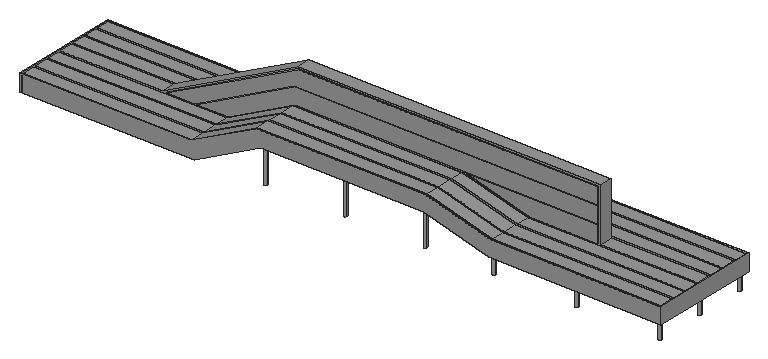
Revit family "Скамейка стальная «Всплеск» Арт 20027", category Антураж, Revit 2018
Family settings
  На основе рабочей плоскости = Нет
  Всегда вертикально = Да
  При загрузке вырезать с полостями = Нет
  Источник визуального образа = Геометрия семейства
  Общий = Нет
  Точка расчета площади = Нет
Parameters (values of type "Скамейка стальная «Всплеск»")
  Ширина = 1000 mm  # constant formula
  Цвет опор = Сталь
  Цвет лавки = Дерево
  Описание = "Скамейка стальная «Всплеск»"  # constant formula
  Материал изделия = "Сталь, дерево"  # constant formula
  Изображение типоразмера = Скамейка стальная «Всплеск» Арт 20027.jpg
  Изготовитель = "ООО «Хоббика»"  # constant formula
  Длина = 5890 mm  # constant formula
  Группа модели = "Скамейки"  # constant formula
  Высота = 785 mm  # constant formula
  Артикул товара = "Арт. 20027"  # constant formula
  URL = "https://hobbyka.ru/product/skameyka_ulichnaya_vsplesk/"
Reference planes
  plane 1 "По центру (Вперед/Назад)": y = 0
  plane 2: z = 0
  plane 3 "По центру (Влево/Вправо)": x = 0
  plane 4: y = 1000
  plane 5: x = 5890
  plane 6: z = 785
Forms (mm)
  Extrusion 1, solid, material "Дерево" <- "Цвет лавки"
    sketch origin (0, 0, 0) x (1, 0, 0) y (0, 0, 1)
      loop
        line (10, 0) -> (1600, 0) -> (2205.884, 308.714) -> (3705.884, 308.714) -> (4304.758, 148.246) -> (5880, 148.246) -> (5880, 298.246) -> (4324.506, 298.246) -> (3725.632, 458.714) -> (2169.873, 458.714) -> (1563.988, 150) -> (10, 150) -> (10, 0)
    from -10 to -135
  Extrusion 2, solid, material "Дерево" <- "Цвет лавки"
    sketch origin (0, 0, 0) x (1, 0, 0) y (0, 0, 1)
      loop
        line (10, 0) -> (1600, 0) -> (2205.884, 308.714) -> (3705.884, 308.714) -> (4304.758, 148.246) -> (5880, 148.246) -> (5880, 298.246) -> (4324.506, 298.246) -> (3725.632, 458.714) -> (2169.873, 458.714) -> (1563.988, 150) -> (10, 150) -> (10, 0)
    from -152.5 to -277.5
  Extrusion 3, solid, material "Дерево" <- "Цвет лавки"
    sketch origin (0, 0, 0) x (1, 0, 0) y (0, 0, 1)
      loop
        line (10, 0) -> (1600, 0) -> (2205.884, 308.714) -> (3705.884, 308.714) -> (4304.758, 148.246) -> (5880, 148.246) -> (5880, 298.246) -> (4324.506, 298.246) -> (3725.632, 458.714) -> (2169.873, 458.714) -> (1563.988, 150) -> (10, 150) -> (10, 0)
    from -295 to -420
  Extrusion 4, solid, material "Дерево" <- "Цвет лавки"
    sketch origin (0, 0, 0) x (1, 0, 0) y (0, 0, 1)
      loop
        line (10, 0) -> (1600, 0) -> (2205.884, 308.714) -> (3705.884, 308.714) -> (4304.758, 148.246) -> (4980, 148.246) -> (4980, 785) -> (2201.258, 785) -> (955, 150) -> (10, 150) -> (10, 0)
      loop
        line (977.027, 150) -> (1563.988, 150) -> (2169.873, 458.714) -> (3725.632, 458.714) -> (4324.506, 298.246) -> (4970, 298.246) -> (4970, 775) -> (2203.658, 775) -> (977.027, 150)
    from -437.5 to -562.5
  Extrusion 5, solid, material "Дерево" <- "Цвет лавки"
    sketch origin (0, 0, 0) x (1, 0, 0) y (0, 0, 1)
      loop
        line (10, 0) -> (1600, 0) -> (2205.884, 308.714) -> (3705.884, 308.714) -> (4304.758, 148.246) -> (5880, 148.246) -> (5880, 298.246) -> (4324.506, 298.246) -> (3725.632, 458.714) -> (2169.873, 458.714) -> (1563.988, 150) -> (10, 150) -> (10, 0)
    from -580 to -705
  Extrusion 6, solid, material "Дерево" <- "Цвет лавки"
    sketch origin (0, 0, 0) x (1, 0, 0) y (0, 0, 1)
      loop
        line (10, 0) -> (1600, 0) -> (2205.884, 308.714) -> (3705.884, 308.714) -> (4304.758, 148.246) -> (5880, 148.246) -> (5880, 298.246) -> (4324.506, 298.246) -> (3725.632, 458.714) -> (2169.873, 458.714) -> (1563.988, 150) -> (10, 150) -> (10, 0)
    from -722.5 to -847.5
  Extrusion 7, solid, material "Дерево" <- "Цвет лавки"
    sketch origin (0, 0, 0) x (1, 0, 0) y (0, 0, 1)
      loop
        line (10, 0) -> (1600, 0) -> (2205.884, 308.714) -> (3705.884, 308.714) -> (4304.758, 148.246) -> (5880, 148.246) -> (5880, 298.246) -> (4324.506, 298.246) -> (3725.632, 458.714) -> (2169.873, 458.714) -> (1563.988, 150) -> (10, 150) -> (10, 0)
    from -865 to -990
  Extrusion 8, solid, material "Дерево" <- "Цвет лавки"
    sketch origin (0, 0, 0) x (1, 0, 0) y (0, 0, 1)
      loop
        line (999.054, 150) -> (1252.363, 150) -> (2164.977, 615) -> (4960, 615) -> (4960, 765) -> (2206.059, 765) -> (999.054, 150)
    from -562.5 to -437.5
  Extrusion 9, solid, material "Дерево" <- "Цвет лавки"
    sketch origin (275.336, 0, 0) x (1, 0, 0) y (0, 0, 1)
      loop
        line (999.054, 150) -> (1288.652, 150) -> (1897.061, 460) -> (4684.664, 460) -> (4684.664, 608.714) -> (1899.33, 608.714) -> (999.054, 150)
    from -562.5 to -437.5
  Extrusion 10, solid, material "Дерево" <- "Цвет лавки"
    sketch origin (275.336, 0, -125) x (1, 0, 0) y (0, 0, 1)
      loop
        line (3482.816, 575) -> (4049.17, 423.246) -> (4684.664, 423.246) -> (4684.664, 575) -> (3482.816, 575)
    from -562.5 to -437.5
  Extrusion 11, solid, material "Дерево" <- "Цвет лавки"
    sketch origin (0, 0, 0) x (1, 0, 0) y (0, 0, 1)
      loop
        line (4980, 148.246) -> (5880, 148.246) -> (5880, 298.246) -> (4980, 298.246) -> (4980, 148.246)
    from -437.5 to -562.5
  Extrusion 12, solid, material "Дерево" <- "Цвет лавки"
    sketch origin (0, 0, 0) x (1, 0, 0) y (0, 0, 1)
      loop
        line (10, 0) -> (1600, 0) -> (2205.884, 308.714) -> (3705.884, 308.714) -> (4304.758, 148.246) -> (5880, 148.246) -> (5880, 298.246) -> (4324.506, 298.246) -> (3725.632, 458.714) -> (2169.873, 458.714) -> (1563.988, 150) -> (10, 150) -> (10, 0)
    from -990 to -1000
  Extrusion 13, solid, material "Дерево" <- "Цвет лавки"
    sketch origin (0, 0, 0) x (1, 0, 0) y (0, 0, 1)
      loop
        line (10, 0) -> (1600, 0) -> (2205.884, 308.714) -> (3705.884, 308.714) -> (4304.758, 148.246) -> (5880, 148.246) -> (5880, 298.246) -> (4324.506, 298.246) -> (3725.632, 458.714) -> (2169.873, 458.714) -> (1563.988, 150) -> (10, 150) -> (10, 0)
    from 0 to -10
  Extrusion 14, solid, material "Дерево" <- "Цвет лавки"
    sketch origin (0, 0, 0) x (1, 0, 0) y (0, 1, 0)
      loop
        line (0, 1000) -> (0, 0) -> (10, 0) -> (10, 1000) -> (0, 1000)
    from 0 to 150
  Extrusion 15, solid, material "Дерево" <- "Цвет лавки"
    sketch origin (0, 0, 0) x (1, 0, 0) y (0, 1, 0)
      loop
        line (5890, 1000) -> (5880, 1000) -> (5880, 0) -> (5890, 0) -> (5890, 1000)
    from 148.246 to 298.246
  Extrusion 16, solid, material "Сталь" <- "Цвет опор"
    sketch origin (0, 0, 0) x (1, 0, 0) y (0, 1, 0)
      loop
        circle (2220.884, 957.5) r 15
      loop
        circle (2955.884, 957.5) r 15
      loop
        circle (3690.884, 957.5) r 15
      loop
        circle (2220.884, 42.5) r 15
      loop
        circle (3690.884, 42.5) r 15
      loop
        circle (2955.884, 42.5) r 15
      loop
        circle (2220.884, 500) r 15
      loop
        circle (2955.884, 500) r 15
      loop
        circle (3690.884, 500) r 15
    from 0 to 308.714
  Extrusion 17, solid, material "Сталь" <- "Цвет опор"
    sketch origin (2154.368, 0, 0) x (1, 0, 0) y (0, 1, 0)
      loop
        circle (2165.391, 957.5) r 15
      loop
        circle (2928.138, 957.5) r 15
      loop
        circle (3690.884, 957.5) r 15
      loop
        circle (2165.391, 42.5) r 15
      loop
        circle (3690.884, 42.5) r 15
      loop
        circle (2928.138, 42.5) r 15
      loop
        circle (2165.391, 500) r 15
      loop
        circle (2928.138, 500) r 15
      loop
        circle (3690.884, 500) r 15
    from 0 to 148.246
Cuts and joins
  joined: Extrusion 12, Extrusion 13, Extrusion 14, Extrusion 15
Lines and regions (mm)
  symbolic lines
    curve 1: line (0, 1000, 0) -> (5890, 1000, 0)
    curve 2: line (0, 0, 0) -> (0, 1000, 0)
    curve 3: line (5890, 0, 0) -> (0, 0, 0)
    curve 4: line (5890, 1000, 0) -> (5890, 0, 0)
    curve 5: line (10, 990, 0) -> (5880, 990, 0)
    curve 6: line (5880, 990, 0) -> (5880, 10, 0)
    curve 7: line (5880, 10, 0) -> (10, 10, 0)
    curve 8: line (10, 10, 0) -> (10, 990, 0)
Dimensions and locks
  "Длина": plane 3 "По центру (Влево/Вправо)" to plane 5
  "Ширина": plane 4 to plane 1 "По центру (Вперед/Назад)"
  "Высота": plane 6 to level
  aligned and locked: level to plane 2
Automatic sketch dimensions
  plane 1 "По центру (Вперед/Назад)" to curve 3 = 0 mm
  curve 3 to plane 3 "По центру (Влево/Вправо)" = 0 mm
  curve 3 to plane 5 = 0 mm
  curve 2 to plane 4 = 0 mm
  plane 3 "По центру (Влево/Вправо)" to curve 7 = 10 mm
  curve 7 to plane 5 = 10 mm
  curve 7 to plane 1 "По центру (Вперед/Назад)" = 10 mm
  curve 5 to plane 4 = 10 mm
  Extrusion 1 sketch curve to level = 0 mm
  plane 3 "По центру (Влево/Вправо)" to Extrusion 1 sketch curve = 10 mm
  level to Extrusion 1 sketch curve = 150 mm
  Extrusion 1 sketch curve to Extrusion 1 sketch curve = 1553.988 mm
  Extrusion 1 sketch curve to Extrusion 1 sketch curve = 36.012 mm  (x2)
  Extrusion 1 sketch curve to Extrusion 1 sketch curve = 605.884 mm
  level to Extrusion 1 sketch curve = 308.714 mm
  Extrusion 1 sketch curve to Extrusion 1 sketch curve = 1500 mm
  Extrusion 1 sketch curve to Extrusion 1 sketch curve = 19.748 mm  (x2)
  level to Extrusion 1 sketch curve = 148.246 mm
  Extrusion 1 sketch curve to Extrusion 1 sketch curve = 598.874 mm
  Extrusion 1 sketch curve to plane 5 = 10 mm
  Extrusion 1 sketch curve to Extrusion 1 sketch curve = 150 mm  (x2)
  Extrusion 2 sketch curve to level = 0 mm
  plane 3 "По центру (Влево/Вправо)" to Extrusion 2 sketch curve = 10 mm
  level to Extrusion 2 sketch curve = 150 mm
  Extrusion 2 sketch curve to Extrusion 2 sketch curve = 1553.988 mm
  Extrusion 2 sketch curve to Extrusion 2 sketch curve = 36.012 mm  (x2)
  Extrusion 2 sketch curve to Extrusion 2 sketch curve = 605.884 mm
  level to Extrusion 2 sketch curve = 308.714 mm
  Extrusion 2 sketch curve to Extrusion 2 sketch curve = 1500 mm
  Extrusion 2 sketch curve to Extrusion 2 sketch curve = 19.748 mm  (x2)
  level to Extrusion 2 sketch curve = 148.246 mm
  Extrusion 2 sketch curve to Extrusion 2 sketch curve = 598.874 mm
  Extrusion 2 sketch curve to plane 5 = 10 mm
  Extrusion 2 sketch curve to Extrusion 2 sketch curve = 150 mm  (x2)
  Extrusion 3 sketch curve to level = 0 mm
  plane 3 "По центру (Влево/Вправо)" to Extrusion 3 sketch curve = 10 mm
  level to Extrusion 3 sketch curve = 150 mm
  Extrusion 3 sketch curve to Extrusion 3 sketch curve = 1553.988 mm
  Extrusion 3 sketch curve to Extrusion 3 sketch curve = 36.012 mm  (x2)
  Extrusion 3 sketch curve to Extrusion 3 sketch curve = 605.884 mm
  level to Extrusion 3 sketch curve = 308.714 mm
  Extrusion 3 sketch curve to Extrusion 3 sketch curve = 1500 mm
  Extrusion 3 sketch curve to Extrusion 3 sketch curve = 19.748 mm  (x2)
  level to Extrusion 3 sketch curve = 148.246 mm
  Extrusion 3 sketch curve to Extrusion 3 sketch curve = 598.874 mm
  Extrusion 3 sketch curve to plane 5 = 10 mm
  Extrusion 3 sketch curve to Extrusion 3 sketch curve = 150 mm  (x2)
  Extrusion 4 sketch curve to level = 0 mm
  plane 3 "По центру (Влево/Вправо)" to Extrusion 4 sketch curve = 10 mm
  level to Extrusion 4 sketch curve = 150 mm  (x2)
  Extrusion 4 sketch curve to Extrusion 4 sketch curve = 945 mm
  Extrusion 4 sketch curve to Extrusion 4 sketch curve = 22.027 mm
  Extrusion 4 sketch curve to Extrusion 4 sketch curve = 586.961 mm
  Extrusion 4 sketch curve to Extrusion 4 sketch curve = 36.012 mm  (x2)
  Extrusion 4 sketch curve to Extrusion 4 sketch curve = 637.269 mm
  Extrusion 4 sketch curve to Extrusion 4 sketch curve = 2.401 mm
  Extrusion 4 sketch curve to Extrusion 4 sketch curve = 33.786 mm
  level to Extrusion 4 sketch curve = 308.714 mm
  Extrusion 4 sketch curve to Extrusion 4 sketch curve = 1500 mm
  Extrusion 4 sketch curve to Extrusion 4 sketch curve = 19.748 mm  (x2)
  level to Extrusion 4 sketch curve = 148.246 mm
  Extrusion 4 sketch curve to Extrusion 4 sketch curve = 598.874 mm
  level to Extrusion 4 sketch curve = 298.246 mm
  Extrusion 4 sketch curve to Extrusion 4 sketch curve = 645.494 mm
  Extrusion 4 sketch curve to Extrusion 4 sketch curve = 10 mm  (x2)
  Extrusion 5 sketch curve to level = 0 mm
  plane 3 "По центру (Влево/Вправо)" to Extrusion 5 sketch curve = 10 mm
  level to Extrusion 5 sketch curve = 150 mm
  Extrusion 5 sketch curve to Extrusion 5 sketch curve = 1553.988 mm
  Extrusion 5 sketch curve to Extrusion 5 sketch curve = 36.012 mm  (x2)
  Extrusion 5 sketch curve to Extrusion 5 sketch curve = 605.884 mm
  level to Extrusion 5 sketch curve = 308.714 mm
  Extrusion 5 sketch curve to Extrusion 5 sketch curve = 1500 mm
  Extrusion 5 sketch curve to Extrusion 5 sketch curve = 19.748 mm  (x2)
  level to Extrusion 5 sketch curve = 148.246 mm
  Extrusion 5 sketch curve to Extrusion 5 sketch curve = 598.874 mm
  Extrusion 5 sketch curve to plane 5 = 10 mm
  Extrusion 5 sketch curve to Extrusion 5 sketch curve = 150 mm  (x2)
  Extrusion 6 sketch curve to level = 0 mm
  plane 3 "По центру (Влево/Вправо)" to Extrusion 6 sketch curve = 10 mm
  level to Extrusion 6 sketch curve = 150 mm
  Extrusion 6 sketch curve to Extrusion 6 sketch curve = 1553.988 mm
  Extrusion 6 sketch curve to Extrusion 6 sketch curve = 36.012 mm  (x2)
  Extrusion 6 sketch curve to Extrusion 6 sketch curve = 605.884 mm
  level to Extrusion 6 sketch curve = 308.714 mm
  Extrusion 6 sketch curve to Extrusion 6 sketch curve = 1500 mm
  Extrusion 6 sketch curve to Extrusion 6 sketch curve = 19.748 mm  (x2)
  level to Extrusion 6 sketch curve = 148.246 mm
  Extrusion 6 sketch curve to Extrusion 6 sketch curve = 598.874 mm
  Extrusion 6 sketch curve to plane 5 = 10 mm
  Extrusion 6 sketch curve to Extrusion 6 sketch curve = 150 mm  (x2)
  Extrusion 7 sketch curve to level = 0 mm
  plane 3 "По центру (Влево/Вправо)" to Extrusion 7 sketch curve = 10 mm
  level to Extrusion 7 sketch curve = 150 mm
  Extrusion 7 sketch curve to Extrusion 7 sketch curve = 1553.988 mm
  Extrusion 7 sketch curve to Extrusion 7 sketch curve = 36.012 mm  (x2)
  Extrusion 7 sketch curve to Extrusion 7 sketch curve = 605.884 mm
  level to Extrusion 7 sketch curve = 308.714 mm
  Extrusion 7 sketch curve to Extrusion 7 sketch curve = 1500 mm
  Extrusion 7 sketch curve to Extrusion 7 sketch curve = 19.748 mm  (x2)
  level to Extrusion 7 sketch curve = 148.246 mm
  Extrusion 7 sketch curve to Extrusion 7 sketch curve = 598.874 mm
  Extrusion 7 sketch curve to plane 5 = 10 mm
  Extrusion 7 sketch curve to Extrusion 7 sketch curve = 150 mm  (x2)
  level to Extrusion 8 sketch curve = 150 mm
  plane 3 "По центру (Влево/Вправо)" to Extrusion 8 sketch curve = 999.054 mm
  Extrusion 8 sketch curve to Extrusion 8 sketch curve = 253.309 mm
  Extrusion 8 sketch curve to Extrusion 8 sketch curve = 953.696 mm
  Extrusion 8 sketch curve to Extrusion 8 sketch curve = 41.082 mm
  Extrusion 8 sketch curve to plane 5 = 930 mm
  level to Extrusion 9 sketch curve = 150 mm
  plane 3 "По центру (Влево/Вправо)" to Extrusion 9 sketch curve = 1274.39 mm
  Extrusion 9 sketch curve to Extrusion 9 sketch curve = 289.598 mm
  Extrusion 9 sketch curve to Extrusion 9 sketch curve = 610.678 mm
  Extrusion 9 sketch curve to Extrusion 9 sketch curve = 2.269 mm
  Extrusion 9 sketch curve to plane 5 = 930 mm
  Extrusion 10 sketch curve to plane 5 = 2131.848 mm
  Extrusion 10 sketch curve to Extrusion 10 sketch curve = 566.355 mm
  level to Extrusion 10 sketch curve = 298.246 mm
  Extrusion 10 sketch curve to Extrusion 10 sketch curve = 635.494 mm
  level to Extrusion 11 sketch curve = 298.246 mm
  Extrusion 11 sketch curve to plane 5 = 910 mm
  Extrusion 11 sketch curve to plane 5 = 10 mm
  level to Extrusion 11 sketch curve = 148.246 mm
  Extrusion 12 sketch curve to level = 0 mm
  plane 3 "По центру (Влево/Вправо)" to Extrusion 12 sketch curve = 10 mm
  level to Extrusion 12 sketch curve = 150 mm
  Extrusion 12 sketch curve to Extrusion 12 sketch curve = 1553.988 mm
  Extrusion 12 sketch curve to Extrusion 12 sketch curve = 36.012 mm  (x2)
  Extrusion 12 sketch curve to Extrusion 12 sketch curve = 605.884 mm
  level to Extrusion 12 sketch curve = 308.714 mm
  Extrusion 12 sketch curve to Extrusion 12 sketch curve = 1500 mm
  Extrusion 12 sketch curve to Extrusion 12 sketch curve = 19.748 mm  (x2)
  level to Extrusion 12 sketch curve = 148.246 mm
  Extrusion 12 sketch curve to Extrusion 12 sketch curve = 598.874 mm
  Extrusion 12 sketch curve to plane 5 = 10 mm
  Extrusion 12 sketch curve to Extrusion 12 sketch curve = 150 mm  (x2)
  Extrusion 13 sketch curve to level = 0 mm
  plane 3 "По центру (Влево/Вправо)" to Extrusion 13 sketch curve = 10 mm
  level to Extrusion 13 sketch curve = 150 mm
  Extrusion 13 sketch curve to Extrusion 13 sketch curve = 1553.988 mm
  Extrusion 13 sketch curve to Extrusion 13 sketch curve = 36.012 mm  (x2)
  Extrusion 13 sketch curve to Extrusion 13 sketch curve = 605.884 mm
  level to Extrusion 13 sketch curve = 308.714 mm
  Extrusion 13 sketch curve to Extrusion 13 sketch curve = 1500 mm
  Extrusion 13 sketch curve to Extrusion 13 sketch curve = 19.748 mm  (x2)
  level to Extrusion 13 sketch curve = 148.246 mm
  Extrusion 13 sketch curve to Extrusion 13 sketch curve = 598.874 mm
  Extrusion 13 sketch curve to plane 5 = 10 mm
  Extrusion 13 sketch curve to Extrusion 13 sketch curve = 150 mm  (x2)
  plane 1 "По центру (Вперед/Назад)" to Extrusion 14 sketch curve = 0 mm
  Extrusion 14 sketch curve to plane 3 "По центру (Влево/Вправо)" = 0 mm
  Extrusion 14 sketch curve to plane 4 = 0 mm
  plane 3 "По центру (Влево/Вправо)" to Extrusion 14 sketch curve = 10 mm
  Extrusion 15 sketch curve to plane 4 = 0 mm
  plane 1 "По центру (Вперед/Назад)" to Extrusion 15 sketch curve = 0 mm
  Extrusion 15 sketch curve to plane 5 = 0 mm
  Extrusion 15 sketch curve to Extrusion 15 sketch curve = 10 mm
  Extrusion 16 sketch curve to plane 1 "По центру (Вперед/Назад)" = 500 mm
  plane 3 "По центру (Влево/Вправо)" to Extrusion 16 sketch curve = 2220.884 mm
  Extrusion 16 sketch curve to plane 1 "По центру (Вперед/Назад)" = 42.5 mm  (x3)
  Extrusion 16 sketch curve to Extrusion 16 sketch curve = 0 mm  (x5)
  Extrusion 16 sketch curve to plane 4 = 42.5 mm  (x3)
  Extrusion 16 sketch curve to Extrusion 16 sketch curve = 735 mm  (x3)
  Extrusion 16 sketch curve to Extrusion 16 sketch curve = 457.5 mm  (x2)
  Extrusion 17 sketch curve to plane 1 "По центру (Вперед/Назад)" = 500 mm
  Extrusion 17 sketch curve to plane 5 = 1570.242 mm
  Extrusion 17 sketch curve to plane 1 "По центру (Вперед/Назад)" = 42.5 mm  (x3)
  Extrusion 17 sketch curve to Extrusion 17 sketch curve = 0 mm  (x4)
  Extrusion 17 sketch curve to plane 4 = 42.5 mm  (x3)
  Extrusion 17 sketch curve to Extrusion 17 sketch curve = 762.747 mm
  Extrusion 17 sketch curve to plane 5 = 44.748 mm  (x3)
  Extrusion 17 sketch curve to Extrusion 17 sketch curve = 457.5 mm  (x2)
  Extrusion 4 sketch curve to Extrusion 4 sketch curve = 150 mm
  Extrusion 4 sketch curve to plane 6 = 10 mm
  Extrusion 8 sketch curve to plane 6 = 170 mm
  Extrusion 8 sketch curve to plane 6 = 20 mm
  Extrusion 9 sketch curve to plane 6 = 325 mm
  Extrusion 9 sketch curve to Extrusion 9 sketch curve = 148.714 mm
  Extrusion 10 sketch curve to Extrusion 10 sketch curve = 151.754 mm
  radius of Extrusion 16 sketch curve = 15 mm  (x9)
  radius of Extrusion 17 sketch curve = 15 mm  (x9)
